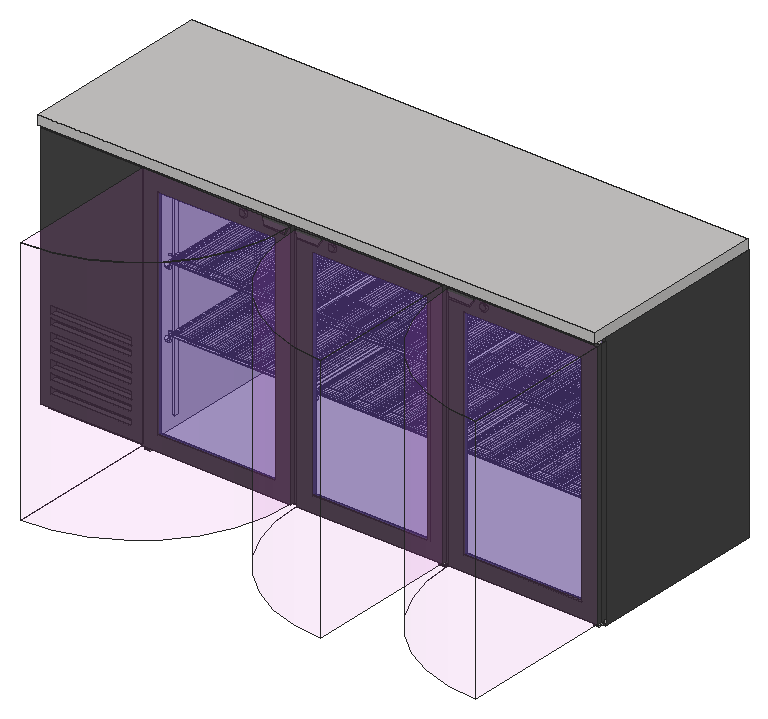
Revit family "QF_True_TBB24-72-3G-Z1-BST-S-1_Glass_Swing_Door_Back_Bar", category Specialty Equipment, Revit 2021 (continued)
Definition of nested family "TBB24-72-3G-Z1-BST-B-1"
  Forms (in)
    Extrusion 198, solid
      from 4.97058 to 21.84523
    Extrusion 199, solid
      sketch origin (37.5051, 0, -8.5) x (1, 0, 0) y (0, 0, 1)
        loop
          circle (14.90115, 21.72801) r 0.03267
      from 4.97058 to 21.84523
    Extrusion 200, solid
      sketch origin (55.08845, 0, -8.5) x (1, 0, 0) y (0, 0, 1)
        loop
          circle (14.90115, 21.72801) r 0.03267
      from 4.97058 to 21.84523
    Extrusion 201, solid
      sketch origin (37.86394, 0, -8.5) x (1, 0, 0) y (0, 0, 1)
        loop
          circle (14.90115, 21.72801) r 0.03267
      from 4.97058 to 21.84523
    Extrusion 202, solid
      sketch origin (38.22279, 0, -8.5) x (1, 0, 0) y (0, 0, 1)
        loop
          circle (14.90115, 21.72801) r 0.03267
      from 4.97058 to 21.84523
    Extrusion 203, solid
      sketch origin (38.58163, 0, -8.5) x (1, 0, 0) y (0, 0, 1)
        loop
          circle (14.90115, 21.72801) r 0.03267
      from 4.97058 to 21.84523
    Extrusion 204, solid
      sketch origin (38.94047, 0, -8.5) x (1, 0, 0) y (0, 0, 1)
        loop
          circle (14.90115, 21.72801) r 0.03267
      from 4.97058 to 21.84523
    Extrusion 205, solid
      sketch origin (39.29932, 0, -8.5) x (1, 0, 0) y (0, 0, 1)
        loop
          circle (14.90115, 21.72801) r 0.03267
      from 4.97058 to 21.84523
    Extrusion 206, solid
      sketch origin (39.65816, 0, -8.5) x (1, 0, 0) y (0, 0, 1)
        loop
          circle (14.90115, 21.72801) r 0.03267
      from 4.97058 to 21.84523
    Extrusion 207, solid
      sketch origin (40.01701, 0, -8.5) x (1, 0, 0) y (0, 0, 1)
        loop
          circle (14.90115, 21.72801) r 0.03267
      from 4.97058 to 21.84523
    Extrusion 208, solid
      sketch origin (40.37585, 0, -8.5) x (1, 0, 0) y (0, 0, 1)
        loop
          circle (14.90115, 21.72801) r 0.03267
      from 4.97058 to 21.84523
    Extrusion 209, solid
      sketch origin (40.73469, 0, -8.5) x (1, 0, 0) y (0, 0, 1)
        loop
          circle (14.90115, 21.72801) r 0.03267
      from 4.97058 to 21.84523
    Extrusion 210, solid
      sketch origin (41.09354, 0, -8.5) x (1, 0, 0) y (0, 0, 1)
        loop
          circle (14.90115, 21.72801) r 0.03267
      from 4.97058 to 21.84523
    Extrusion 211, solid
      sketch origin (41.45238, 0, -8.5) x (1, 0, 0) y (0, 0, 1)
        loop
          circle (14.90115, 21.72801) r 0.03267
      from 4.97058 to 21.84523
    Extrusion 212, solid
      sketch origin (41.81122, 0, -8.5) x (1, 0, 0) y (0, 0, 1)
        loop
          circle (14.90115, 21.72801) r 0.03267
      from 4.97058 to 21.84523
    Extrusion 213, solid
      sketch origin (42.17007, 0, -8.5) x (1, 0, 0) y (0, 0, 1)
        loop
          circle (14.90115, 21.72801) r 0.03267
      from 4.97058 to 21.84523
    Extrusion 214, solid
      sketch origin (42.52891, 0, -8.5) x (1, 0, 0) y (0, 0, 1)
        loop
          circle (14.90115, 21.72801) r 0.03267
      from 4.97058 to 21.84523
    Extrusion 215, solid
      sketch origin (42.88776, 0, -8.5) x (1, 0, 0) y (0, 0, 1)
        loop
          circle (14.90115, 21.72801) r 0.03267
      from 4.97058 to 21.84523
    Extrusion 216, solid
      sketch origin (43.2466, 0, -8.5) x (1, 0, 0) y (0, 0, 1)
        loop
          circle (14.90115, 21.72801) r 0.03267
      from 4.97058 to 21.84523
    Extrusion 217, solid
      sketch origin (43.60544, 0, -8.5) x (1, 0, 0) y (0, 0, 1)
        loop
          circle (14.90115, 21.72801) r 0.03267
      from 4.97058 to 21.84523
    Extrusion 218, solid
      sketch origin (43.96429, 0, -8.5) x (1, 0, 0) y (0, 0, 1)
        loop
          circle (14.90115, 21.72801) r 0.03267
      from 4.97058 to 21.84523
    Extrusion 219, solid
      sketch origin (44.32313, 0, -8.5) x (1, 0, 0) y (0, 0, 1)
        loop
          circle (14.90115, 21.72801) r 0.03267
      from 4.97058 to 21.84523
    Extrusion 220, solid
      sketch origin (44.68198, 0, -8.5) x (1, 0, 0) y (0, 0, 1)
        loop
          circle (14.90115, 21.72801) r 0.03267
      from 4.97058 to 21.84523
    Extrusion 221, solid
      sketch origin (45.04082, 0, -8.5) x (1, 0, 0) y (0, 0, 1)
        loop
          circle (14.90115, 21.72801) r 0.03267
      from 4.97058 to 21.84523
    Extrusion 222, solid
      sketch origin (45.39966, 0, -8.5) x (1, 0, 0) y (0, 0, 1)
        loop
          circle (14.90115, 21.72801) r 0.03267
      from 4.97058 to 21.84523
    Extrusion 223, solid
      sketch origin (45.75851, 0, -8.5) x (1, 0, 0) y (0, 0, 1)
        loop
          circle (14.90115, 21.72801) r 0.03267
      from 4.97058 to 21.84523
    Extrusion 224, solid
      sketch origin (46.11735, 0, -8.5) x (1, 0, 0) y (0, 0, 1)
        loop
          circle (14.90115, 21.72801) r 0.03267
      from 4.97058 to 21.84523
    Extrusion 225, solid
      sketch origin (46.47619, 0, -8.5) x (1, 0, 0) y (0, 0, 1)
        loop
          circle (14.90115, 21.72801) r 0.03267
      from 4.97058 to 21.84523
    Extrusion 226, solid
      sketch origin (46.83504, 0, -8.5) x (1, 0, 0) y (0, 0, 1)
        loop
          circle (14.90115, 21.72801) r 0.03267
      from 4.97058 to 21.84523
    Extrusion 227, solid
      sketch origin (47.19388, 0, -8.5) x (1, 0, 0) y (0, 0, 1)
        loop
          circle (14.90115, 21.72801) r 0.03267
      from 4.97058 to 21.84523
    Extrusion 228, solid
      sketch origin (47.55273, 0, -8.5) x (1, 0, 0) y (0, 0, 1)
        loop
          circle (14.90115, 21.72801) r 0.03267
      from 4.97058 to 21.84523
    Extrusion 229, solid
      sketch origin (47.91157, 0, -8.5) x (1, 0, 0) y (0, 0, 1)
        loop
          circle (14.90115, 21.72801) r 0.03267
      from 4.97058 to 21.84523
    Extrusion 230, solid
      sketch origin (48.27041, 0, -8.5) x (1, 0, 0) y (0, 0, 1)
        loop
          circle (14.90115, 21.72801) r 0.03267
      from 4.97058 to 21.84523
    Extrusion 231, solid
      sketch origin (48.62926, 0, -8.5) x (1, 0, 0) y (0, 0, 1)
        loop
          circle (14.90115, 21.72801) r 0.03267
      from 4.97058 to 21.84523
    Extrusion 232, solid
      sketch origin (48.9881, 0, -8.5) x (1, 0, 0) y (0, 0, 1)
        loop
          circle (14.90115, 21.72801) r 0.03267
      from 4.97058 to 21.84523
    Extrusion 233, solid
      sketch origin (49.34695, 0, -8.5) x (1, 0, 0) y (0, 0, 1)
        loop
          circle (14.90115, 21.72801) r 0.03267
      from 4.97058 to 21.84523
    Extrusion 234, solid
      sketch origin (49.70579, 0, -8.5) x (1, 0, 0) y (0, 0, 1)
        loop
          circle (14.90115, 21.72801) r 0.03267
      from 4.97058 to 21.84523
    Extrusion 235, solid
      sketch origin (50.06463, 0, -8.5) x (1, 0, 0) y (0, 0, 1)
        loop
          circle (14.90115, 21.72801) r 0.03267
      from 4.97058 to 21.84523
    Extrusion 236, solid
      sketch origin (50.42348, 0, -8.5) x (1, 0, 0) y (0, 0, 1)
        loop
          circle (14.90115, 21.72801) r 0.03267
      from 4.97058 to 21.84523
    Extrusion 237, solid
      sketch origin (50.78232, 0, -8.5) x (1, 0, 0) y (0, 0, 1)
        loop
          circle (14.90115, 21.72801) r 0.03267
      from 4.97058 to 21.84523
    Extrusion 238, solid
      sketch origin (51.14116, 0, -8.5) x (1, 0, 0) y (0, 0, 1)
        loop
          circle (14.90115, 21.72801) r 0.03267
      from 4.97058 to 21.84523
    Extrusion 239, solid
      sketch origin (51.50001, 0, -8.5) x (1, 0, 0) y (0, 0, 1)
        loop
          circle (14.90115, 21.72801) r 0.03267
      from 4.97058 to 21.84523
    Extrusion 240, solid
      sketch origin (51.85885, 0, -8.5) x (1, 0, 0) y (0, 0, 1)
        loop
          circle (14.90115, 21.72801) r 0.03267
      from 4.97058 to 21.84523
    Extrusion 241, solid
      sketch origin (52.2177, 0, -8.5) x (1, 0, 0) y (0, 0, 1)
        loop
          circle (14.90115, 21.72801) r 0.03267
      from 4.97058 to 21.84523
    Extrusion 242, solid
      sketch origin (52.57654, 0, -8.5) x (1, 0, 0) y (0, 0, 1)
        loop
          circle (14.90115, 21.72801) r 0.03267
      from 4.97058 to 21.84523
    Extrusion 243, solid
      sketch origin (52.93538, 0, -8.5) x (1, 0, 0) y (0, 0, 1)
        loop
          circle (14.90115, 21.72801) r 0.03267
      from 4.97058 to 21.84523
    Extrusion 244, solid
      sketch origin (53.29423, 0, -8.5) x (1, 0, 0) y (0, 0, 1)
        loop
          circle (14.90115, 21.72801) r 0.03267
      from 4.97058 to 21.84523
    Extrusion 245, solid
      sketch origin (53.65307, 0, -8.5) x (1, 0, 0) y (0, 0, 1)
        loop
          circle (14.90115, 21.72801) r 0.03267
      from 4.97058 to 21.84523
    Extrusion 246, solid
      sketch origin (54.01191, 0, -8.5) x (1, 0, 0) y (0, 0, 1)
        loop
          circle (14.90115, 21.72801) r 0.03267
      from 4.97058 to 21.84523
    Extrusion 247, solid
      sketch origin (54.37076, 0, -8.5) x (1, 0, 0) y (0, 0, 1)
        loop
          circle (14.90115, 21.72801) r 0.03267
      from 4.97058 to 21.84523
    Extrusion 248, solid
      sketch origin (54.7296, 0, -8.5) x (1, 0, 0) y (0, 0, 1)
        loop
          circle (14.90115, 21.72801) r 0.03267
      from 4.97058 to 21.84523
    Extrusion 249, solid
      sketch origin (18.7788, 0, 0) x (1, 0, 0) y (0, 0, 1)
        loop
          circle (14.90115, 21.72801) r 0.03267
      from 4.97058 to 21.86282
    Extrusion 250, solid
      sketch origin (36.36215, 0, 0) x (1, 0, 0) y (0, 0, 1)
        loop
          circle (14.90115, 21.72801) r 0.03267
      from 4.97058 to 21.86282
    Extrusion 251, solid
      sketch origin (19.13764, 0, 0) x (1, 0, 0) y (0, 0, 1)
        loop
          circle (14.90115, 21.72801) r 0.03267
      from 4.97058 to 21.86282
    Extrusion 252, solid
      sketch origin (19.49649, 0, 0) x (1, 0, 0) y (0, 0, 1)
        loop
          circle (14.90115, 21.72801) r 0.03267
      from 4.97058 to 21.86282
    Extrusion 253, solid
      sketch origin (19.85533, 0, 0) x (1, 0, 0) y (0, 0, 1)
        loop
          circle (14.90115, 21.72801) r 0.03267
      from 4.97058 to 21.86282
    Extrusion 254, solid
      sketch origin (20.21417, 0, 0) x (1, 0, 0) y (0, 0, 1)
        loop
          circle (14.90115, 21.72801) r 0.03267
      from 4.97058 to 21.86282
    Extrusion 255, solid
      sketch origin (20.57302, 0, 0) x (1, 0, 0) y (0, 0, 1)
        loop
          circle (14.90115, 21.72801) r 0.03267
      from 4.97058 to 21.86282
    Extrusion 256, solid
      sketch origin (20.93186, 0, 0) x (1, 0, 0) y (0, 0, 1)
        loop
          circle (14.90115, 21.72801) r 0.03267
      from 4.97058 to 21.86282
    Extrusion 257, solid
      sketch origin (21.29071, 0, 0) x (1, 0, 0) y (0, 0, 1)
        loop
          circle (14.90115, 21.72801) r 0.03267
      from 4.97058 to 21.86282
    Extrusion 258, solid
      sketch origin (21.64955, 0, 0) x (1, 0, 0) y (0, 0, 1)
        loop
          circle (14.90115, 21.72801) r 0.03267
      from 4.97058 to 21.86282
    Extrusion 259, solid
      sketch origin (22.00839, 0, 0) x (1, 0, 0) y (0, 0, 1)
        loop
          circle (14.90115, 21.72801) r 0.03267
      from 4.97058 to 21.86282
    Extrusion 260, solid
      sketch origin (22.36724, 0, 0) x (1, 0, 0) y (0, 0, 1)
        loop
          circle (14.90115, 21.72801) r 0.03267
      from 4.97058 to 21.86282
    Extrusion 261, solid
      sketch origin (22.72608, 0, 0) x (1, 0, 0) y (0, 0, 1)
        loop
          circle (14.90115, 21.72801) r 0.03267
      from 4.97058 to 21.86282
    Extrusion 262, solid
      sketch origin (23.08493, 0, 0) x (1, 0, 0) y (0, 0, 1)
        loop
          circle (14.90115, 21.72801) r 0.03267
      from 4.97058 to 21.86282
    Extrusion 263, solid
      sketch origin (23.44377, 0, 0) x (1, 0, 0) y (0, 0, 1)
        loop
          circle (14.90115, 21.72801) r 0.03267
      from 4.97058 to 21.86282
    Extrusion 264, solid
      sketch origin (23.80261, 0, 0) x (1, 0, 0) y (0, 0, 1)
        loop
          circle (14.90115, 21.72801) r 0.03267
      from 4.97058 to 21.86282
    Extrusion 265, solid
      sketch origin (24.16146, 0, 0) x (1, 0, 0) y (0, 0, 1)
        loop
          circle (14.90115, 21.72801) r 0.03267
      from 4.97058 to 21.86282
    Extrusion 266, solid
      sketch origin (24.5203, 0, 0) x (1, 0, 0) y (0, 0, 1)
        loop
          circle (14.90115, 21.72801) r 0.03267
      from 4.97058 to 21.86282
    Extrusion 267, solid
      sketch origin (24.87914, 0, 0) x (1, 0, 0) y (0, 0, 1)
        loop
          circle (14.90115, 21.72801) r 0.03267
      from 4.97058 to 21.86282
    Extrusion 268, solid
      sketch origin (25.23799, 0, 0) x (1, 0, 0) y (0, 0, 1)
        loop
          circle (14.90115, 21.72801) r 0.03267
      from 4.97058 to 21.86282
    Extrusion 269, solid
      sketch origin (25.59683, 0, 0) x (1, 0, 0) y (0, 0, 1)
        loop
          circle (14.90115, 21.72801) r 0.03267
      from 4.97058 to 21.86282
    Extrusion 270, solid
      sketch origin (25.95568, 0, 0) x (1, 0, 0) y (0, 0, 1)
        loop
          circle (14.90115, 21.72801) r 0.03267
      from 4.97058 to 21.86282
    Extrusion 271, solid
      sketch origin (26.31452, 0, 0) x (1, 0, 0) y (0, 0, 1)
        loop
          circle (14.90115, 21.72801) r 0.03267
      from 4.97058 to 21.86282
    Extrusion 272, solid
      sketch origin (26.67336, 0, 0) x (1, 0, 0) y (0, 0, 1)
        loop
          circle (14.90115, 21.72801) r 0.03267
      from 4.97058 to 21.86282
    Extrusion 273, solid
      sketch origin (27.03221, 0, 0) x (1, 0, 0) y (0, 0, 1)
        loop
          circle (14.90115, 21.72801) r 0.03267
      from 4.97058 to 21.86282
    Extrusion 274, solid
      sketch origin (27.39105, 0, 0) x (1, 0, 0) y (0, 0, 1)
        loop
          circle (14.90115, 21.72801) r 0.03267
      from 4.97058 to 21.86282
    Extrusion 275, solid
      sketch origin (27.7499, 0, 0) x (1, 0, 0) y (0, 0, 1)
        loop
          circle (14.90115, 21.72801) r 0.03267
      from 4.97058 to 21.86282
    Extrusion 276, solid
      sketch origin (28.10874, 0, 0) x (1, 0, 0) y (0, 0, 1)
        loop
          circle (14.90115, 21.72801) r 0.03267
      from 4.97058 to 21.86282
    Extrusion 277, solid
      sketch origin (28.46758, 0, 0) x (1, 0, 0) y (0, 0, 1)
        loop
          circle (14.90115, 21.72801) r 0.03267
      from 4.97058 to 21.86282
    Extrusion 278, solid
      sketch origin (28.82643, 0, 0) x (1, 0, 0) y (0, 0, 1)
        loop
          circle (14.90115, 21.72801) r 0.03267
      from 4.97058 to 21.86282
    Extrusion 279, solid
      sketch origin (29.18527, 0, 0) x (1, 0, 0) y (0, 0, 1)
        loop
          circle (14.90115, 21.72801) r 0.03267
      from 4.97058 to 21.86282
    Extrusion 280, solid
      sketch origin (29.54411, 0, 0) x (1, 0, 0) y (0, 0, 1)
        loop
          circle (14.90115, 21.72801) r 0.03267
      from 4.97058 to 21.86282
    Extrusion 281, solid
      sketch origin (29.90296, 0, 0) x (1, 0, 0) y (0, 0, 1)
        loop
          circle (14.90115, 21.72801) r 0.03267
      from 4.97058 to 21.86282
    Extrusion 282, solid
      sketch origin (30.2618, 0, 0) x (1, 0, 0) y (0, 0, 1)
        loop
          circle (14.90115, 21.72801) r 0.03267
      from 4.97058 to 21.86282
    Extrusion 283, solid
      sketch origin (30.62065, 0, 0) x (1, 0, 0) y (0, 0, 1)
        loop
          circle (14.90115, 21.72801) r 0.03267
      from 4.97058 to 21.86282
    Extrusion 284, solid
      sketch origin (30.97949, 0, 0) x (1, 0, 0) y (0, 0, 1)
        loop
          circle (14.90115, 21.72801) r 0.03267
      from 4.97058 to 21.86282
    Extrusion 285, solid
      sketch origin (31.33833, 0, 0) x (1, 0, 0) y (0, 0, 1)
        loop
          circle (14.90115, 21.72801) r 0.03267
      from 4.97058 to 21.86282
    Extrusion 286, solid
      sketch origin (31.69718, 0, 0) x (1, 0, 0) y (0, 0, 1)
        loop
          circle (14.90115, 21.72801) r 0.03267
      from 4.97058 to 21.86282
    Extrusion 287, solid
      sketch origin (32.05602, 0, 0) x (1, 0, 0) y (0, 0, 1)
        loop
          circle (14.90115, 21.72801) r 0.03267
      from 4.97058 to 21.86282
    Extrusion 288, solid
      sketch origin (32.41486, 0, 0) x (1, 0, 0) y (0, 0, 1)
        loop
          circle (14.90115, 21.72801) r 0.03267
      from 4.97058 to 21.86282
    Extrusion 289, solid
      sketch origin (32.77371, 0, 0) x (1, 0, 0) y (0, 0, 1)
        loop
          circle (14.90115, 21.72801) r 0.03267
      from 4.97058 to 21.86282
    Extrusion 290, solid
      sketch origin (33.13255, 0, 0) x (1, 0, 0) y (0, 0, 1)
        loop
          circle (14.90115, 21.72801) r 0.03267
      from 4.97058 to 21.86282
    Extrusion 291, solid
      sketch origin (33.4914, 0, 0) x (1, 0, 0) y (0, 0, 1)
        loop
          circle (14.90115, 21.72801) r 0.03267
      from 4.97058 to 21.86282
    Extrusion 292, solid
      sketch origin (33.85024, 0, 0) x (1, 0, 0) y (0, 0, 1)
        loop
          circle (14.90115, 21.72801) r 0.03267
      from 4.97058 to 21.86282
    Extrusion 293, solid
      sketch origin (34.20908, 0, 0) x (1, 0, 0) y (0, 0, 1)
        loop
          circle (14.90115, 21.72801) r 0.03267
      from 4.97058 to 21.86282
    Extrusion 294, solid
      sketch origin (34.56793, 0, 0) x (1, 0, 0) y (0, 0, 1)
        loop
          circle (14.90115, 21.72801) r 0.03267
      from 4.97058 to 21.86282
    Extrusion 295, solid
      sketch origin (34.92677, 0, 0) x (1, 0, 0) y (0, 0, 1)
        loop
          circle (14.90115, 21.72801) r 0.03267
      from 4.97058 to 21.86282
    Extrusion 296, solid
      sketch origin (35.28562, 0, 0) x (1, 0, 0) y (0, 0, 1)
        loop
          circle (14.90115, 21.72801) r 0.03267
      from 4.97058 to 21.86282
    Extrusion 297, solid
      sketch origin (35.64446, 0, 0) x (1, 0, 0) y (0, 0, 1)
        loop
          circle (14.90115, 21.72801) r 0.03267
      from 4.97058 to 21.86282
    Extrusion 298, solid
      sketch origin (36.0033, 0, 0) x (1, 0, 0) y (0, 0, 1)
        loop
          circle (14.90115, 21.72801) r 0.03267
      from 4.97058 to 21.86282
    Extrusion 299, solid
      sketch origin (37.5051, 0, 0) x (1, 0, 0) y (0, 0, 1)
        loop
          circle (14.90115, 21.72801) r 0.03267
      from 4.97058 to 21.86282
    Extrusion 300, solid
      sketch origin (55.08845, 0, 0) x (1, 0, 0) y (0, 0, 1)
        loop
          circle (14.90115, 21.72801) r 0.03267
      from 4.97058 to 21.86282
    Extrusion 301, solid
      sketch origin (37.86394, 0, 0) x (1, 0, 0) y (0, 0, 1)
        loop
          circle (14.90115, 21.72801) r 0.03267
      from 4.97058 to 21.86282
    Extrusion 302, solid
      sketch origin (38.22279, 0, 0) x (1, 0, 0) y (0, 0, 1)
        loop
          circle (14.90115, 21.72801) r 0.03267
      from 4.97058 to 21.86282
    Extrusion 303, solid
      sketch origin (38.58163, 0, 0) x (1, 0, 0) y (0, 0, 1)
        loop
          circle (14.90115, 21.72801) r 0.03267
      from 4.97058 to 21.86282
    Extrusion 304, solid
      sketch origin (38.94047, 0, 0) x (1, 0, 0) y (0, 0, 1)
        loop
          circle (14.90115, 21.72801) r 0.03267
      from 4.97058 to 21.86282
    Extrusion 305, solid
      sketch origin (39.29932, 0, 0) x (1, 0, 0) y (0, 0, 1)
        loop
          circle (14.90115, 21.72801) r 0.03267
      from 4.97058 to 21.86282
    Extrusion 306, solid
      sketch origin (39.65816, 0, 0) x (1, 0, 0) y (0, 0, 1)
        loop
          circle (14.90115, 21.72801) r 0.03267
      from 4.97058 to 21.86282
    Extrusion 307, solid
      sketch origin (40.01701, 0, 0) x (1, 0, 0) y (0, 0, 1)
        loop
          circle (14.90115, 21.72801) r 0.03267
      from 4.97058 to 21.86282
    Extrusion 308, solid
      sketch origin (40.37585, 0, 0) x (1, 0, 0) y (0, 0, 1)
        loop
          circle (14.90115, 21.72801) r 0.03267
      from 4.97058 to 21.86282
    Extrusion 309, solid
      sketch origin (40.73469, 0, 0) x (1, 0, 0) y (0, 0, 1)
        loop
          circle (14.90115, 21.72801) r 0.03267
      from 4.97058 to 21.86282
    Extrusion 310, solid
      sketch origin (41.09354, 0, 0) x (1, 0, 0) y (0, 0, 1)
        loop
          circle (14.90115, 21.72801) r 0.03267
      from 4.97058 to 21.86282
    Extrusion 311, solid
      sketch origin (41.45238, 0, 0) x (1, 0, 0) y (0, 0, 1)
        loop
          circle (14.90115, 21.72801) r 0.03267
      from 4.97058 to 21.86282
    Extrusion 312, solid
      sketch origin (41.81122, 0, 0) x (1, 0, 0) y (0, 0, 1)
        loop
          circle (14.90115, 21.72801) r 0.03267
      from 4.97058 to 21.86282
    Extrusion 313, solid
      sketch origin (42.17007, 0, 0) x (1, 0, 0) y (0, 0, 1)
        loop
          circle (14.90115, 21.72801) r 0.03267
      from 4.97058 to 21.86282
    Extrusion 314, solid
      sketch origin (42.52891, 0, 0) x (1, 0, 0) y (0, 0, 1)
        loop
          circle (14.90115, 21.72801) r 0.03267
      from 4.97058 to 21.86282
    Extrusion 315, solid
      sketch origin (42.88776, 0, 0) x (1, 0, 0) y (0, 0, 1)
        loop
          circle (14.90115, 21.72801) r 0.03267
      from 4.97058 to 21.86282
    Extrusion 316, solid
      sketch origin (43.2466, 0, 0) x (1, 0, 0) y (0, 0, 1)
        loop
          circle (14.90115, 21.72801) r 0.03267
      from 4.97058 to 21.86282
    Extrusion 317, solid
      sketch origin (43.60544, 0, 0) x (1, 0, 0) y (0, 0, 1)
        loop
          circle (14.90115, 21.72801) r 0.03267
      from 4.97058 to 21.86282
    Extrusion 318, solid
      sketch origin (43.96429, 0, 0) x (1, 0, 0) y (0, 0, 1)
        loop
          circle (14.90115, 21.72801) r 0.03267
      from 4.97058 to 21.86282
    Extrusion 319, solid
      sketch origin (44.32313, 0, 0) x (1, 0, 0) y (0, 0, 1)
        loop
          circle (14.90115, 21.72801) r 0.03267
      from 4.97058 to 21.86282
    Extrusion 320, solid
      sketch origin (44.68198, 0, 0) x (1, 0, 0) y (0, 0, 1)
        loop
          circle (14.90115, 21.72801) r 0.03267
      from 4.97058 to 21.86282
    Extrusion 321, solid
      sketch origin (45.04082, 0, 0) x (1, 0, 0) y (0, 0, 1)
        loop
          circle (14.90115, 21.72801) r 0.03267
      from 4.97058 to 21.86282
    Extrusion 322, solid
      sketch origin (45.39966, 0, 0) x (1, 0, 0) y (0, 0, 1)
        loop
          circle (14.90115, 21.72801) r 0.03267
      from 4.97058 to 21.86282
    Extrusion 323, solid
      sketch origin (45.75851, 0, 0) x (1, 0, 0) y (0, 0, 1)
        loop
          circle (14.90115, 21.72801) r 0.03267
      from 4.97058 to 21.86282
    Extrusion 324, solid
      sketch origin (46.11735, 0, 0) x (1, 0, 0) y (0, 0, 1)
        loop
          circle (14.90115, 21.72801) r 0.03267
      from 4.97058 to 21.86282
    Extrusion 325, solid
      sketch origin (46.47619, 0, 0) x (1, 0, 0) y (0, 0, 1)
        loop
          circle (14.90115, 21.72801) r 0.03267
      from 4.97058 to 21.86282
    Extrusion 326, solid
      sketch origin (46.83504, 0, 0) x (1, 0, 0) y (0, 0, 1)
        loop
          circle (14.90115, 21.72801) r 0.03267
      from 4.97058 to 21.86282
    Extrusion 327, solid
      sketch origin (47.19388, 0, 0) x (1, 0, 0) y (0, 0, 1)
        loop
          circle (14.90115, 21.72801) r 0.03267
      from 4.97058 to 21.86282
    Extrusion 328, solid
      sketch origin (47.55273, 0, 0) x (1, 0, 0) y (0, 0, 1)
        loop
          circle (14.90115, 21.72801) r 0.03267
      from 4.97058 to 21.86282
    Extrusion 329, solid
      sketch origin (47.91157, 0, 0) x (1, 0, 0) y (0, 0, 1)
        loop
          circle (14.90115, 21.72801) r 0.03267
      from 4.97058 to 21.86282
    Extrusion 330, solid
      sketch origin (48.27041, 0, 0) x (1, 0, 0) y (0, 0, 1)
        loop
          circle (14.90115, 21.72801) r 0.03267
      from 4.97058 to 21.86282
    Extrusion 331, solid
      sketch origin (48.62926, 0, 0) x (1, 0, 0) y (0, 0, 1)
        loop
          circle (14.90115, 21.72801) r 0.03267
      from 4.97058 to 21.86282
    Extrusion 332, solid
      sketch origin (48.9881, 0, 0) x (1, 0, 0) y (0, 0, 1)
        loop
          circle (14.90115, 21.72801) r 0.03267
      from 4.97058 to 21.86282
    Extrusion 333, solid
      sketch origin (49.34695, 0, 0) x (1, 0, 0) y (0, 0, 1)
        loop
          circle (14.90115, 21.72801) r 0.03267
      from 4.97058 to 21.86282
    Extrusion 334, solid
      sketch origin (49.70579, 0, 0) x (1, 0, 0) y (0, 0, 1)
        loop
          circle (14.90115, 21.72801) r 0.03267
      from 4.97058 to 21.86282
    Extrusion 335, solid
      sketch origin (50.06463, 0, 0) x (1, 0, 0) y (0, 0, 1)
        loop
          circle (14.90115, 21.72801) r 0.03267
      from 4.97058 to 21.86282
    Extrusion 336, solid
      sketch origin (50.42348, 0, 0) x (1, 0, 0) y (0, 0, 1)
        loop
          circle (14.90115, 21.72801) r 0.03267
      from 4.97058 to 21.86282
    Extrusion 337, solid
      sketch origin (50.78232, 0, 0) x (1, 0, 0) y (0, 0, 1)
        loop
          circle (14.90115, 21.72801) r 0.03267
      from 4.97058 to 21.86282
    Extrusion 338, solid
      sketch origin (51.14116, 0, 0) x (1, 0, 0) y (0, 0, 1)
        loop
          circle (14.90115, 21.72801) r 0.03267
      from 4.97058 to 21.86282
    Extrusion 339, solid
      sketch origin (51.50001, 0, 0) x (1, 0, 0) y (0, 0, 1)
        loop
          circle (14.90115, 21.72801) r 0.03267
      from 4.97058 to 21.86282
    Extrusion 340, solid
      sketch origin (51.85885, 0, 0) x (1, 0, 0) y (0, 0, 1)
        loop
          circle (14.90115, 21.72801) r 0.03267
      from 4.97058 to 21.86282
    Extrusion 341, solid
      sketch origin (52.2177, 0, 0) x (1, 0, 0) y (0, 0, 1)
        loop
          circle (14.90115, 21.72801) r 0.03267
      from 4.97058 to 21.86282
    Extrusion 342, solid
      sketch origin (52.57654, 0, 0) x (1, 0, 0) y (0, 0, 1)
        loop
          circle (14.90115, 21.72801) r 0.03267
      from 4.97058 to 21.86282
    Extrusion 343, solid
      sketch origin (52.93538, 0, 0) x (1, 0, 0) y (0, 0, 1)
        loop
          circle (14.90115, 21.72801) r 0.03267
      from 4.97058 to 21.86282
    Extrusion 344, solid
      sketch origin (53.29423, 0, 0) x (1, 0, 0) y (0, 0, 1)
        loop
          circle (14.90115, 21.72801) r 0.03267
      from 4.97058 to 21.86282
    Extrusion 345, solid
      sketch origin (53.65307, 0, 0) x (1, 0, 0) y (0, 0, 1)
        loop
          circle (14.90115, 21.72801) r 0.03267
      from 4.97058 to 21.86282
    Extrusion 346, solid
      sketch origin (54.01191, 0, 0) x (1, 0, 0) y (0, 0, 1)
        loop
          circle (14.90115, 21.72801) r 0.03267
      from 4.97058 to 21.86282
    Extrusion 347, solid
      sketch origin (54.37076, 0, 0) x (1, 0, 0) y (0, 0, 1)
        loop
          circle (14.90115, 21.72801) r 0.03267
      from 4.97058 to 21.86282
    Extrusion 348, solid
      sketch origin (54.7296, 0, 0) x (1, 0, 0) y (0, 0, 1)
        loop
          circle (14.90115, 21.72801) r 0.03267
      from 4.97058 to 21.86282
    Extrusion 349, solid, material <- "Door Finish"
      sketch origin (20.43039, -23.09422, 33.46875) x (0, 0, -1) y (1, 0, 0)
        loop
          line (0.5625, 12.35291) -> (32.78125, 12.35291) -> (32.78125, 31.97791) -> (0.5625, 31.97791) -> (0.5625, 12.35291)
        loop
          line (31.78125, 13.35291) -> (31.78125, 30.97791) -> (1.5625, 30.97791) -> (1.5625, 13.35291) -> (31.78125, 13.35291)
      from 0 to 0.80663
    Blend 350, solid, material <- "Door Finish"
      base sketch origin (63.88621, -24.3696, 33.46875) x (0, 0, -1) y (1, 0, 0)
        loop
          circle (1.15564, -26.16355) r 0.5
      top sketch origin (63.88621, -24.3696, 33.46875) x (0, 0, -1) y (1, 0, 0)
        loop
          circle (1.15564, -26.16355) r 0.39938
      from 0 to 0.12886
    Extrusion 351, solid, material <- "Door Finish"
      sketch origin (64.76326, -23.90085, 33.46875) x (0, 0, -1) y (1, 0, 0)
        loop
          line (0.5625, -12.72791) -> (0.5625, -31.60291) -> (32.78125, -31.60291) -> (32.78125, -12.72791) -> (0.5625, -12.72791)
        loop
          line (2.5625, -29.60291) -> (30.78125, -29.60291) -> (30.78125, -14.72791) -> (2.5625, -14.72791) -> (2.5625, -29.60291)
      from 0 to 0.46875
    Extrusion 352, solid, material <- "Door Finish"
      sketch origin (40.05334, -23.90085, 33.46875) x (0, 0, -1) y (1, 0, 0)
        loop
          line (0.5625, 12.72791) -> (32.78125, 12.72791) -> (32.78125, 31.97791) -> (0.5625, 31.97791) -> (0.5625, 12.72791)
        loop
          line (2.5625, 29.97791) -> (2.5625, 14.72791) -> (30.78125, 14.72791) -> (30.78125, 29.97791) -> (2.5625, 29.97791)
      from 0 to 0.46875
    Extrusion 353, solid, material <- "Door Finish"
      sketch origin (32.40625, -23.52159, 32.30626) x (0, 0, -1) y (0, 1, 0)
        loop
          line (-0.59999, -0.09801) -> (-0.72499, -0.09801) -> (-0.72499, -1.07258) -> (-0.25659, -1.82216) -> (-0.1092, -1.82216) -> (-0.59999, -1.03673) -> (-0.59999, -0.09801)
      from 0 to -3.5
    Extrusion 354, void
      sketch origin (32.40625, -24.59416, 33.03125) x (0, 0.848048, 0.529919) y (1, 0, 0)
        loop
          line (0, -3.5) -> (-1.1776, -2.4866) -> (-1.1776, -3.5) -> (0, -3.5)
      from 0 to 0.25
    Extrusion 355, solid, material <- "Door Finish"
      sketch origin (36.66035, -23.52159, 32.30626) x (0, 0, -1) y (0, 1, 0)
        loop
          line (-0.59999, -0.09801) -> (-0.72499, -0.09801) -> (-0.72499, -1.07258) -> (-0.25659, -1.82216) -> (-0.1092, -1.82216) -> (-0.59999, -1.03673) -> (-0.59999, -0.09801)
      from 0 to -3.5
    Extrusion 356, void
      sketch origin (36.66035, -24.59416, 33.03125) x (0, 0.848048, 0.529919) y (1, 0, 0)
        loop
          line (0, -3.5) -> (-1.1776, -2.4866) -> (-1.1776, -3.5) -> (0, -3.5)
      from 0 to 0.25
    Extrusion 357, solid, material <- "Door Finish"
      sketch origin (56.28125, -23.52159, 32.30626) x (0, 0, -1) y (0, 1, 0)
        loop
          line (-0.59999, -0.09801) -> (-0.72499, -0.09801) -> (-0.72499, -1.07258) -> (-0.25659, -1.82216) -> (-0.1092, -1.82216) -> (-0.59999, -1.03673) -> (-0.59999, -0.09801)
      from 0 to -3.5
    Extrusion 358, void
      sketch origin (56.28125, -24.59416, 33.03125) x (0, 0.848048, 0.529919) y (1, 0, 0)
        loop
          line (0, -3.5) -> (-1.1776, -2.4866) -> (-1.1776, -3.5) -> (0, -3.5)
      from 0 to 0.25
    Extrusion 359, solid
      sketch origin (15.15625, -23.90085, 2.6875) x (1, 0, 0) y (0, 1, 0)
        loop
          line (15.25, -0.10938) -> (0, -0.10938) -> (0, -0.35938) -> (15.25, -0.35938) -> (15.25, -0.10938)
      from 0 to 28.21875
    Extrusion 360, solid
      sketch origin (35.16035, -23.90085, 2.6875) x (1, 0, 0) y (0, 1, 0)
        loop
          line (15.25, -0.10938) -> (0, -0.10938) -> (0, -0.35938) -> (15.25, -0.35938) -> (15.25, -0.10938)
      from 0 to 28.21875
    Extrusion 361, solid
      sketch origin (54.78125, -23.90085, 2.6875) x (1, 0, 0) y (0, 1, 0)
        loop
          line (15.25, -0.10938) -> (0, -0.10938) -> (0, -0.35938) -> (15.25, -0.35938) -> (15.25, -0.10938)
      from 0 to 28.21875
    Extrusion 362, solid, visible <- "Show Door Clearance"
      sketch origin (52.78125, -23.90085, 0.6875) x (0, -1, 0) y (-1, 0, 0)
        loop
          arc (0.46875, 20.375) -> (14.39589, 25.83841) -> (20.20484, 39.625) r 19.25
          line (20.20484, 39.625) -> (0.46875, 39.625) -> (0.46875, 20.375)
      from 0 to -32.21875
    Extrusion 363, solid, visible <- "Show Door Clearance"
      sketch origin (52.78125, -23.90085, 0.6875) x (0, -1, 0) y (-1, 0, 0)
        loop
          line (0.46875, 19.61367) -> (0.46875, 0.7459) -> (20.1929, 0.7459)
          arc (20.1929, 0.7459) -> (14.26761, 14.29526) -> (0.46875, 19.61367) r 19.19983
        loop
          line (0.46875, 0) -> (0.46875, -19.25) -> (20.19556, -19.25)
          arc (20.19556, -19.25) -> (14.40507, -5.45121) -> (0.46875, 0) r 19.19983
      from 0 to -32.21875
  Cuts and joins
    Extrusion 4, Extrusion 10 cuts Extrusion 2
    Extrusion 4 cuts Extrusion 3
    Extrusion 10 cuts Extrusion 8
    joined: Extrusion 8, Extrusion 11
    Extrusion 10 cuts Extrusion 9
    joined: Extrusion 14, Extrusion 15
    Extrusion 354, Extrusion 356 cuts Extrusion 353
    Extrusion 356, Extrusion 358 cuts Extrusion 355
    Extrusion 358 cuts Extrusion 357
  Lines and regions (in)
    Split face 1
      outline origin (0, 0.03125, 0) x (0, 0, 1) y (1, 0, 0)
        loop
          line (18.17708, 10.7061) -> (3.09519, 10.7061) -> (3.09519, 0.9561) -> (18.17708, 0.9561) -> (18.17708, 10.7061)
    Split face 2
      outline origin (0, -24.3696, 32.90625) x (-1, 0, 0) y (0, 0, -1)
        loop
          line (-2.26866, 1.36126) -> (-2.26866, 2.86126) -> (-10.572, 2.86126) -> (-10.572, 1.36126) -> (-2.26866, 1.36126)
    symbolic lines
      curve 1: line (72.03125, 0, 0) -> (0, 0, 0)
      curve 2: line (0, 0, 0) -> (0, -24.875, 0)
      curve 3: line (72.03125, -24.875, 0) -> (72.03125, 0, 0)
      curve 8: line (0, -24.875, 0) -> (72.03125, -24.875, 0)
      curve 11: line (29.73411, -25.34375, 0) -> (29.26536, -24.875, 0)
      curve 12: line (29.73411, -25.34375, 0) -> (32.40625, -25.34375, 0)
      curve 13: line (32.40625, -24.875, 0) -> (32.40625, -25.34375, 0)
      curve 14: line (33.98129, -25.34375, 0) -> (33.51254, -24.875, 0)
      curve 15: line (33.98129, -25.34375, 0) -> (36.65343, -25.34375, 0)
      curve 16: line (36.65343, -24.875, 0) -> (36.65343, -25.34375, 0)
      curve 17: line (53.6022, -25.34375, 0) -> (53.13345, -24.875, 0)
      curve 18: line (53.6022, -25.34375, 0) -> (56.27433, -25.34375, 0)
      curve 19: line (56.27433, -24.875, 0) -> (56.27433, -25.34375, 0)
    symbolic lines, visible <- "Show Door Clearance"
      curve 4: arc (32.41238, -24.875, 0) -> (31.69762, -30.05258, 0) -> (29.61643, -34.84704, 0) r 19.25
      curve 5: arc (35.64278, -34.33925, 0) -> (33.78857, -29.76791, 0) -> (33.16036, -24.875, 0) r 19.19983
      curve 6: arc (55.35127, -34.50519, 0) -> (53.42671, -29.86028, 0) -> (52.77403, -24.875, 0) r 19.19983
      curve 7: line (13.15625, -25.34375, 0) -> (29.61643, -34.84704, 0)
      curve 9: line (52.03535, -24.875, 0) -> (35.64278, -34.33925, 0)
      curve 10: line (72.03125, -24.875, 0) -> (55.35127, -34.50519, 0)
  Dimensions and locks (in)
    equal spacing: plane 3 "LEFT", plane 7 "Center Y", plane 4 "RIGHT"
    "Length": plane 3 "LEFT" to plane 4 "RIGHT"
    equal spacing: plane 5 "FRONT", plane 8 "Center X", plane 1 "BACK"
    "Depth": plane 5 "FRONT" to plane 1 "BACK"
    "Height": plane 6 "TOP" to level
    plane 5 "FRONT" to plane 1 "BACK" = 25 11/32"
    plane 9 to plane 1 "BACK" = 44 3/32"
    plane 5 "FRONT" to plane 9 = 18 3/4"
    plane 1 "BACK" to plane 10 = 24 7/8"
    equal spacing: group 52, group 54, group 55, group 56, group 57, group 58, group 59, group 60, group 61, group 62, group 63, group 64, group 65, group 66, group 67, group 68, group 69, group 70, group 71, group 72, group 73, group 74, group 75, group 76, group 77, group 78, group 79, group 80, group 81, group 82, group 83, group 84, group 85, group 86, group 87, group 88, group 89, group 90, group 91, group 92, group 93, group 94, group 95, group 96, group 97, group 98, group 99, group 100, group 101, group 53  (x3)
    aligned and locked: level to plane 2
  Automatic sketch dimensions
    Extrusion 1 sketch curve to plane 3 "LEFT" = 0"
    plane 4 "RIGHT" to Extrusion 1 sketch curve = 0"
    Extrusion 1 sketch curve to plane 6 "TOP" = 0"
    Extrusion 1 sketch curve to plane 6 "TOP" = 1 1/4"
    Extrusion 2 sketch curve to level = 0"
    Extrusion 2 sketch curve to plane 1 "BACK" = 0"
    Extrusion 2 sketch curve to plane 14 = 1.24899"
    Extrusion 2 sketch curve to plane 6 "TOP" = 1 1/4"
    Extrusion 3 sketch curve to Extrusion 2 = 0"
    Extrusion 3 sketch curve to Extrusion 2 = 9/16"
    Extrusion 3 sketch curve to Extrusion 2 = 0.97992"
    Extrusion 2 to Extrusion 3 sketch curve = 13 5/32"
    Extrusion 3 to Extrusion 4 sketch curve = 1.61339"
    Extrusion 4 sketch curve to Extrusion 4 sketch curve = 0.82714"  (x4)
    Extrusion 4 sketch curve to Extrusion 4 sketch curve = 0.79786"
    Extrusion 4 sketch curve to Extrusion 4 sketch curve = 0.57908"  (x2)
    Extrusion 4 sketch curve to Extrusion 4 sketch curve = 1"  (x3)
    Extrusion 4 sketch curve to Extrusion 4 sketch curve = 0.71878"
    Extrusion 4 sketch curve to Extrusion 4 sketch curve = 0.84378"
    Extrusion 4 sketch curve to Extrusion 4 sketch curve = 0.45408"
    Extrusion 3 to Extrusion 4 sketch curve = 1.27626"  (x2)
    Extrusion 4 sketch curve to Extrusion 4 sketch curve = 0"  (x11)
    Extrusion 3 to Extrusion 4 sketch curve = 1.32665"
    Extrusion 5 sketch curve to Extrusion 2 = 0"
    Extrusion 2 to Extrusion 5 sketch curve = 9/16"
    Extrusion 5 sketch curve to Extrusion 5 sketch curve = 3/4"  (x3)
    Extrusion 5 sketch curve to Extrusion 2 = 13.59037"
    Extrusion 2 to Extrusion 5 sketch curve = 3/4"
    Extrusion 5 sketch curve to Extrusion 5 sketch curve = 0"  (x2)
    Extrusion 5 sketch curve to Extrusion 5 sketch curve = 0.44096"
    Extrusion 5 sketch curve to Extrusion 5 sketch curve = 4.44897"
    Extrusion 5 sketch curve to Extrusion 5 sketch curve = 10.52264"
    Split face 1 sketch curve to Extrusion 5 = 2.53269"
    Split face 1 sketch curve to Extrusion 5 = 2.4513"
    Split face 1 sketch curve to Extrusion 5 = 0.9561"
    Split face 1 sketch curve to Extrusion 5 = 1.31655"
    Extrusion 6 sketch curve to Extrusion 5 = 0.05904"
    Extrusion 5 to Extrusion 6 sketch curve = 0.19096"  (x2)
    Extrusion 6 sketch curve to Extrusion 5 = 0.31699"  (x2)
    Extrusion 6 sketch curve to Extrusion 6 sketch curve = 1/2"  (x2)
    Extrusion 6 sketch curve to Extrusion 6 sketch curve = 1/4"
    Extrusion 6 sketch curve to Extrusion 6 sketch curve = 0.43301"  (x2)
    Extrusion 7 sketch curve to Extrusion 5 = 0.72262"
    Extrusion 7 sketch curve to Extrusion 5 = 1.73005"
    Split face 2 sketch curve to cut or joined group of Extrusion 3, Extrusion 4 = 1.2576"
    Split face 2 sketch curve to cut or joined group of Extrusion 3, Extrusion 4 = 0.9924"
    Split face 2 sketch curve to cut or joined group of Extrusion 3, Extrusion 4 = 1.36126"
    Split face 2 sketch curve to Split face 2 sketch curve = 1 1/2"
    Extrusion 8 sketch curve to Extrusion 2 = 9/16"
    Extrusion 8 sketch curve to Extrusion 8 sketch curve = 1"  (x3)
    Extrusion 8 sketch curve to Extrusion 2 = 1 11/16"
    Extrusion 8 sketch curve to Extrusion 2 = 11/16"
    Extrusion 2 to Extrusion 8 sketch curve = 13 5/32"
    Extrusion 8 sketch curve to Extrusion 8 sketch curve = 17 5/8"
    Extrusion 2 to Extrusion 9 sketch curve = 0"
    Extrusion 9 sketch curve to Extrusion 2 = 9/16"
    Extrusion 9 sketch curve to Extrusion 9 sketch curve = 1"
    Extrusion 9 sketch curve to Extrusion 2 = 1 11/16"
    Extrusion 9 sketch curve to Extrusion 2 = 11/16"
    Extrusion 2 to Extrusion 9 sketch curve = 1"
    Extrusion 9 sketch curve to Extrusion 9 sketch curve = 17 3/16"
    Extrusion 9 sketch curve to Extrusion 9 sketch curve = 1.43545"
    Extrusion 10 sketch curve to plane 12 = 251/256"
    plane 4 "RIGHT" to Extrusion 10 sketch curve = 1 133/256"
    Extrusion 10 sketch curve to plane 14 = 1.24899"
    plane 1 "BACK" to Extrusion 10 sketch curve = 4.34422"
    Extrusion 11 sketch curve to Extrusion 8 = 0"  (x2)
    Extrusion 8 to Extrusion 11 sketch curve = 0"
    Extrusion 8 to Extrusion 11 sketch curve = 1"  (x3)
    Extrusion 8 to Extrusion 11 sketch curve = 1 3/8"
    Extrusion 11 sketch curve to Extrusion 8 = 3/8"
    Blend 12 sketch curve to Extrusion 11 = 0.59314"  (x2)
    Extrusion 11 to Blend 12 sketch curve = 4.18936"  (x2)
    Blend 13 sketch curve to Extrusion 11 = 0.59314"  (x2)
    Extrusion 11 to Blend 13 sketch curve = 24.93936"  (x2)
    Extrusion 14 sketch curve to plane 4 "RIGHT" = 0"
    Extrusion 14 sketch curve to plane 12 = 0"
    plane 4 "RIGHT" to Extrusion 14 sketch curve = 1/8"
    Extrusion 14 sketch curve to Extrusion 14 sketch curve = 0.56872"  (x2)
    Extrusion 14 sketch curve to plane 64 = 0.35763"  (x3)
    Extrusion 14 sketch curve to Extrusion 14 sketch curve = 0.11746"  (x6)
    Extrusion 14 sketch curve to Extrusion 14 sketch curve = 0.27298"  (x3)
    plane 13 to Extrusion 14 sketch curve = 0.33598"
    Extrusion 14 sketch curve to Extrusion 14 sketch curve = 1/8"
    Extrusion 14 sketch curve to plane 64 = 0.27538"
    Extrusion 14 sketch curve to plane 12 = 1.08416"
    Extrusion 14 sketch curve to plane 12 = 1/8"
    Extrusion 14 sketch curve to Extrusion 14 sketch curve = 0.04275"  (x4)
    Extrusion 14 sketch curve to plane 64 = 0.40038"
    Extrusion 14 sketch curve to Extrusion 14 sketch curve = 3/4"  (x3)
    Extrusion 2 to Extrusion 15 sketch curve = 0"
    Extrusion 15 sketch curve to Extrusion 2 = 11/16"  (x3)
    Extrusion 15 sketch curve to Extrusion 2 = 0.28263"  (x3)
    Extrusion 2 to Extrusion 15 sketch curve = 1.0917"
    Extrusion 15 sketch curve to Extrusion 15 sketch curve = 18.5333"
    Extrusion 15 sketch curve to Extrusion 15 sketch curve = 1.0917"  (x2)
    Extrusion 2 to Extrusion 15 sketch curve = 14.24795"
    Extrusion 16 sketch curve to Extrusion 14 = 0.43489"
    Extrusion 16 sketch curve to Extrusion 14 = 0.40936"  (x2)
    Extrusion 16 sketch curve to Extrusion 14 = 0.48393"  (x3)
    Extrusion 17 sketch curve to Extrusion 1 = 1.26471"  (x3)
    Extrusion 1 to Extrusion 17 sketch curve = 0.43489"
    Extrusion 17 sketch curve to Extrusion 17 sketch curve = 19.93545"
    Extrusion 17 sketch curve to Extrusion 1 = 13.56561"
    plane 14 to Extrusion 18 sketch curve = 1"
    Extrusion 18 sketch curve to Extrusion 18 sketch curve = 1/2"  (x2)
    plane 8 "Center X" to Extrusion 18 sketch curve = 5.07665"
    plane 11 to Extrusion 18 sketch curve = 2.90487"  (x2)
    Extrusion 18 sketch curve to plane 6 "TOP" = 4"  (x2)
    Extrusion 19 sketch curve to plane 12 = 2.3189"
    Extrusion 19 sketch curve to Extrusion 19 sketch curve = 1/2"  (x6)
    Extrusion 19 sketch curve to plane 7 "Center Y" = 4.54048"
    Extrusion 19 sketch curve to Extrusion 19 sketch curve = 1.6122"
    plane 13 to Extrusion 19 sketch curve = 1 49/64"
    Extrusion 19 sketch curve to plane 13 = 1 17/64"
    plane 4 "RIGHT" to Extrusion 19 sketch curve = 3 23/64"
    plane 11 to Extrusion 19 sketch curve = 2.90487"  (x5)
    Extrusion 19 sketch curve to Extrusion 19 sketch curve = 0"  (x3)
    Extrusion 19 sketch curve to plane 6 "TOP" = 4"  (x4)
    Sweep 20 sketch curve to plane 14 = 0"
    plane 14 to Sweep 20 sketch curve = 1/2"
    Sweep 20 sketch curve to plane 7 "Center Y" = 3.38438"
    Sweep 20 sketch curve to Sweep 20 sketch curve = 1/2"  (x2)
    Sweep 20 sketch curve to plane 14 = 1/2"
    Sweep 20 sketch curve to plane 12 = 2.13125"  (x2)
    plane 1 "BACK" to Sweep 20 sketch curve = 5.47703"
    Sweep 20 sketch curve to Sweep 20 sketch curve = 1/4"
    profile plane to Sweep 20 sketch curve = 0"
    Sweep 20 sketch curve to profile plane = 0.10817"
    Extrusion 18 to Extrusion 21 sketch curve = 0"
    Extrusion 18 to Extrusion 21 sketch curve = 9.35512"  (x2)
    Extrusion 21 sketch curve to Extrusion 18 = 0.44283"
    Extrusion 21 sketch curve to Extrusion 21 sketch curve = 0.44283"  (x3)
    Extrusion 21 sketch curve to Extrusion 21 sketch curve = 0.13831"  (x2)
    Extrusion 21 sketch curve to Extrusion 21 sketch curve = 54.70733"
    Extrusion 18 to Extrusion 22 sketch curve = 0"
    Extrusion 18 to Extrusion 22 sketch curve = 9.35512"  (x2)
    Extrusion 22 sketch curve to Extrusion 18 = 0.44283"
    Extrusion 22 sketch curve to Extrusion 22 sketch curve = 0.44283"  (x3)
    Extrusion 22 sketch curve to Extrusion 22 sketch curve = 0.13831"  (x2)
    Extrusion 22 sketch curve to Extrusion 22 sketch curve = 54.70733"
    Extrusion 23 sketch curve to Extrusion 19 = 0"
    Extrusion 19 to Extrusion 23 sketch curve = 9.35512"
    Extrusion 23 sketch curve to Extrusion 23 sketch curve = 0.44283"  (x2)
    Extrusion 23 sketch curve to Extrusion 23 sketch curve = 0.13831"
    Extrusion 24 sketch curve to Extrusion 19 = 0"
    Extrusion 19 to Extrusion 24 sketch curve = 9.35512"
    Extrusion 24 sketch curve to Extrusion 24 sketch curve = 0.44283"  (x2)
    Extrusion 24 sketch curve to Extrusion 24 sketch curve = 0.13831"
    plane 1 "BACK" to Extrusion 25 sketch curve = 4.72703"
    Extrusion 25 sketch curve to plane 6 "TOP" = 13.35512"
    Extrusion 25 sketch curve to Extrusion 25 sketch curve = 0.44283"  (x2)
    Extrusion 25 sketch curve to Extrusion 25 sketch curve = 0.13831"
    plane 1 "BACK" to Extrusion 26 sketch curve = 4.72703"
    Extrusion 26 sketch curve to plane 6 "TOP" = 13.35512"
    Extrusion 26 sketch curve to Extrusion 26 sketch curve = 0.44283"  (x2)
    Extrusion 26 sketch curve to Extrusion 26 sketch curve = 0.13831"
    Extrusion 18 to Extrusion 27 sketch curve = 0"
    Extrusion 27 sketch curve to Extrusion 18 = 9.14488"  (x2)
    Extrusion 27 sketch curve to Extrusion 18 = 0.44283"
    Extrusion 27 sketch curve to Extrusion 27 sketch curve = 0.44283"  (x3)
    Extrusion 27 sketch curve to Extrusion 27 sketch curve = 0.13831"  (x2)
    Extrusion 27 sketch curve to Extrusion 27 sketch curve = 54.70733"
    Extrusion 18 to Extrusion 28 sketch curve = 0"
    Extrusion 28 sketch curve to Extrusion 18 = 9.14488"  (x2)
    Extrusion 28 sketch curve to Extrusion 18 = 0.44283"
    Extrusion 28 sketch curve to Extrusion 28 sketch curve = 0.44283"  (x3)
    Extrusion 28 sketch curve to Extrusion 28 sketch curve = 0.13831"  (x2)
    Extrusion 28 sketch curve to Extrusion 28 sketch curve = 54.70733"
    Extrusion 29 sketch curve to Extrusion 19 = 0"
    Extrusion 29 sketch curve to Extrusion 19 = 9.14488"
    Extrusion 29 sketch curve to Extrusion 29 sketch curve = 0.44283"  (x2)
    Extrusion 29 sketch curve to Extrusion 29 sketch curve = 0.13831"
    Extrusion 30 sketch curve to Extrusion 19 = 0"
    Extrusion 30 sketch curve to Extrusion 19 = 9.14488"
    Extrusion 30 sketch curve to Extrusion 30 sketch curve = 0.44283"  (x2)
    Extrusion 30 sketch curve to Extrusion 30 sketch curve = 0.13831"
    plane 1 "BACK" to Extrusion 31 sketch curve = 4.72703"
    plane 11 to Extrusion 31 sketch curve = 12.04975"
    Extrusion 31 sketch curve to Extrusion 31 sketch curve = 0.44283"  (x2)
    Extrusion 31 sketch curve to Extrusion 31 sketch curve = 0.13831"
    plane 1 "BACK" to Extrusion 32 sketch curve = 4.72703"
    plane 11 to Extrusion 32 sketch curve = 12.04975"
    Extrusion 32 sketch curve to Extrusion 32 sketch curve = 0.44283"  (x2)
    Extrusion 32 sketch curve to Extrusion 32 sketch curve = 0.13831"
    Sweep 33 sketch curve to plane 14 = 0"
    plane 14 to Sweep 33 sketch curve = 1/2"
    Sweep 33 sketch curve to plane 7 "Center Y" = 3.38438"
    Sweep 33 sketch curve to Sweep 33 sketch curve = 1/2"  (x2)
    Sweep 33 sketch curve to plane 14 = 1/2"
    Sweep 33 sketch curve to plane 12 = 2.13125"  (x2)
    plane 1 "BACK" to Sweep 33 sketch curve = 5.47703"
    Sweep 33 sketch curve to Sweep 33 sketch curve = 1/4"
    profile plane to Sweep 33 sketch curve = 0"
    Sweep 33 sketch curve to profile plane = 0.10817"
    Extrusion 34 sketch curve to plane 14 = 0"
    Extrusion 34 sketch curve to plane 6 "TOP" = 12.37336"
    Extrusion 35 sketch curve to plane 14 = 0"
    plane 11 to Extrusion 35 sketch curve = 13.03151"
    Extrusion 36 sketch curve to plane 14 = 0"
    Extrusion 36 sketch curve to plane 6 "TOP" = 12.37336"
    Extrusion 37 sketch curve to plane 14 = 0"
    plane 11 to Extrusion 37 sketch curve = 13.03151"
    plane 1 "BACK" to Extrusion 38 sketch curve = 4.72703"
    Extrusion 38 sketch curve to plane 6 "TOP" = 13.35512"
    Extrusion 38 sketch curve to Extrusion 38 sketch curve = 0.44283"  (x2)
    Extrusion 38 sketch curve to Extrusion 38 sketch curve = 0.13831"
    plane 1 "BACK" to Extrusion 39 sketch curve = 4.72703"
    Extrusion 39 sketch curve to plane 6 "TOP" = 13.35512"
    Extrusion 39 sketch curve to Extrusion 39 sketch curve = 0.44283"  (x2)
    Extrusion 39 sketch curve to Extrusion 39 sketch curve = 0.13831"
    plane 1 "BACK" to Extrusion 40 sketch curve = 4.72703"
    plane 11 to Extrusion 40 sketch curve = 12.04975"
    Extrusion 40 sketch curve to Extrusion 40 sketch curve = 0.44283"  (x2)
    Extrusion 40 sketch curve to Extrusion 40 sketch curve = 0.13831"
    plane 1 "BACK" to Extrusion 41 sketch curve = 4.72703"
    plane 11 to Extrusion 41 sketch curve = 12.04975"
    Extrusion 41 sketch curve to Extrusion 41 sketch curve = 0.44283"  (x2)
    Extrusion 41 sketch curve to Extrusion 41 sketch curve = 0.13831"
    Sweep 42 sketch curve to plane 14 = 0"
    plane 14 to Sweep 42 sketch curve = 1/2"
    plane 13 to Sweep 42 sketch curve = 1.025"
    Sweep 42 sketch curve to Sweep 42 sketch curve = 1/2"  (x3)
    Sweep 42 sketch curve to plane 7 "Center Y" = 1.97813"  (x2)
    plane 1 "BACK" to Sweep 42 sketch curve = 5.47703"
    Sweep 42 sketch curve to plane 14 = 1/2"
    profile plane to Sweep 42 sketch curve = 0"
    Sweep 42 sketch curve to profile plane = 0.10817"
    Sweep 43 sketch curve to plane 14 = 0"
    plane 14 to Sweep 43 sketch curve = 1/2"
    plane 13 to Sweep 43 sketch curve = 1.025"
    Sweep 43 sketch curve to Sweep 43 sketch curve = 1/2"  (x3)
    Sweep 43 sketch curve to plane 7 "Center Y" = 1.97813"  (x2)
    plane 1 "BACK" to Sweep 43 sketch curve = 5.47703"
    Sweep 43 sketch curve to plane 14 = 1/2"
    profile plane to Sweep 43 sketch curve = 0"
    Sweep 43 sketch curve to profile plane = 0.10817"
    Sweep 44 sketch curve to plane 14 = 0"
    plane 14 to Sweep 44 sketch curve = 1/2"
    plane 4 "RIGHT" to Sweep 44 sketch curve = 1.9"
    Sweep 44 sketch curve to Sweep 44 sketch curve = 1/2"
    Sweep 44 sketch curve to plane 13 = 0.38125"  (x2)
    plane 13 to Sweep 44 sketch curve = 0.11875"
    plane 1 "BACK" to Sweep 44 sketch curve = 5.47703"
    Sweep 44 sketch curve to plane 14 = 1/2"
    Sweep 44 sketch curve to Sweep 44 sketch curve = 1/4"
    profile plane to Sweep 44 sketch curve = 0"
    Sweep 44 sketch curve to profile plane = 0.10817"
    Sweep 45 sketch curve to plane 14 = 0"
    plane 14 to Sweep 45 sketch curve = 1/2"
    plane 4 "RIGHT" to Sweep 45 sketch curve = 1.9"
    Sweep 45 sketch curve to Sweep 45 sketch curve = 1/2"
    Sweep 45 sketch curve to plane 13 = 0.38125"  (x2)
    plane 13 to Sweep 45 sketch curve = 0.11875"
    plane 1 "BACK" to Sweep 45 sketch curve = 5.47703"
    Sweep 45 sketch curve to plane 14 = 1/2"
    Sweep 45 sketch curve to Sweep 45 sketch curve = 1/4"
    profile plane to Sweep 45 sketch curve = 0"
    Sweep 45 sketch curve to profile plane = 0.10817"
    plane 14 to Extrusion 46 sketch curve = 1"
    Extrusion 46 sketch curve to Extrusion 46 sketch curve = 1/2"  (x2)
    plane 8 "Center X" to Extrusion 46 sketch curve = 5.07665"
    plane 11 to Extrusion 46 sketch curve = 2.90487"  (x2)
    Extrusion 46 sketch curve to plane 6 "TOP" = 4"  (x2)
    Extrusion 47 sketch curve to plane 14 = 0"
    Extrusion 47 sketch curve to plane 6 "TOP" = 12.37336"
    Extrusion 48 sketch curve to plane 14 = 0"
    plane 11 to Extrusion 48 sketch curve = 13.03151"
    Extrusion 349 sketch curve to Extrusion 2 = 9/16"
    Extrusion 349 sketch curve to Extrusion 349 sketch curve = 1"  (x3)
    Extrusion 349 sketch curve to Extrusion 2 = 1 11/16"
    Extrusion 349 sketch curve to Extrusion 2 = 11/16"
    Extrusion 2 to Extrusion 349 sketch curve = 32.7833"
    Extrusion 349 sketch curve to Extrusion 349 sketch curve = 17 5/8"
    Blend 350 sketch curve to Extrusion 11 = 0.59314"  (x2)
    Extrusion 11 to Blend 350 sketch curve = 5 81/256"  (x2)
    Extrusion 351 sketch curve to Extrusion 8 = 0"  (x2)
    Extrusion 8 to Extrusion 351 sketch curve = 1"  (x2)
    Extrusion 8 to Extrusion 351 sketch curve = 0.3791"
    Extrusion 8 to Extrusion 351 sketch curve = 2.3791"
    Extrusion 351 sketch curve to Extrusion 351 sketch curve = 14 7/8"
    Extrusion 351 sketch curve to Extrusion 351 sketch curve = 2"
    Extrusion 352 sketch curve to Extrusion 8 = 0"  (x2)
    Extrusion 8 to Extrusion 352 sketch curve = 1"  (x2)
    Extrusion 8 to Extrusion 352 sketch curve = 20"
    Extrusion 352 sketch curve to Extrusion 352 sketch curve = 2"  (x2)
    Extrusion 352 sketch curve to Extrusion 352 sketch curve = 15 1/4"
    Extrusion 353 sketch curve to plane 5 "FRONT" = 0"
    plane 64 to Extrusion 353 sketch curve = 0.22457"
    Extrusion 353 sketch curve to plane 6 "TOP" = 1 11/16"
    Extrusion 353 sketch curve to Extrusion 353 sketch curve = 1/8"
    Extrusion 353 sketch curve to Extrusion 353 sketch curve = 0.34339"
    Extrusion 353 sketch curve to Extrusion 353 sketch curve = 0.1474"
    Extrusion 353 sketch curve to Extrusion 353 sketch curve = 0.03584"
    Extrusion 353 sketch curve to plane 64 = 3/4"
    Extrusion 354 sketch curve to Extrusion 353 = 0"  (x2)
    Extrusion 354 sketch curve to Extrusion 353 = 0.2937"
    Extrusion 354 sketch curve to Extrusion 353 = 1.0134"
    Extrusion 355 sketch curve to plane 5 "FRONT" = 0"
    plane 64 to Extrusion 355 sketch curve = 0.22457"
    Extrusion 355 sketch curve to plane 6 "TOP" = 1 11/16"
    Extrusion 355 sketch curve to Extrusion 355 sketch curve = 1/8"
    Extrusion 355 sketch curve to Extrusion 355 sketch curve = 0.34339"
    Extrusion 355 sketch curve to Extrusion 355 sketch curve = 0.1474"
    Extrusion 355 sketch curve to Extrusion 355 sketch curve = 0.03584"
    Extrusion 355 sketch curve to plane 64 = 3/4"
    Extrusion 353 to Extrusion 356 sketch curve = 0"
    Extrusion 356 sketch curve to Extrusion 353 = 0.2937"
    Extrusion 353 to Extrusion 356 sketch curve = 0.7541"
    Extrusion 356 sketch curve to Extrusion 356 sketch curve = 1.0134"
    Extrusion 357 sketch curve to plane 5 "FRONT" = 0"
    plane 64 to Extrusion 357 sketch curve = 0.22457"
    Extrusion 357 sketch curve to plane 6 "TOP" = 1 11/16"
    Extrusion 357 sketch curve to Extrusion 357 sketch curve = 1/8"
    Extrusion 357 sketch curve to Extrusion 357 sketch curve = 0.34339"
    Extrusion 357 sketch curve to Extrusion 357 sketch curve = 0.1474"
    Extrusion 357 sketch curve to Extrusion 357 sketch curve = 0.03584"
    Extrusion 357 sketch curve to plane 64 = 3/4"
    Extrusion 353 to Extrusion 358 sketch curve = 0"
    Extrusion 358 sketch curve to Extrusion 353 = 0.2937"
    Extrusion 353 to Extrusion 358 sketch curve = 20 3/8"
    Extrusion 358 sketch curve to Extrusion 358 sketch curve = 1.0134"
    Extrusion 359 sketch curve to Extrusion 11 = 0"  (x2)
    Extrusion 11 to Extrusion 359 sketch curve = 7/64"  (x2)
    Extrusion 11 to Extrusion 360 sketch curve = 7/64"  (x2)
    Extrusion 360 sketch curve to Extrusion 11 = 4.7541"
    Extrusion 360 sketch curve to Extrusion 360 sketch curve = 15 1/4"
    Extrusion 11 to Extrusion 361 sketch curve = 7/64"  (x2)
    Extrusion 361 sketch curve to Extrusion 11 = 24 3/8"
    Extrusion 361 sketch curve to Extrusion 361 sketch curve = 15 1/4"
    Extrusion 362 sketch curve to Extrusion 352 = 0"
    Extrusion 352 to Extrusion 362 sketch curve = 0.48609"
    Extrusion 362 sketch curve to Extrusion 362 sketch curve = 19 1/4"
    Extrusion 362 sketch curve to Extrusion 352 = 39 5/8"
    Extrusion 362 sketch curve to Extrusion 362 sketch curve = 0.00614"
    Extrusion 363 sketch curve to Extrusion 352 = 0"  (x3)
    Extrusion 352 to Extrusion 363 sketch curve = 0"
    Extrusion 352 to Extrusion 363 sketch curve = 0.52707"  (x2)
    Extrusion 352 to Extrusion 363 sketch curve = 0.05741"
    Extrusion 363 sketch curve to Extrusion 352 = 0.7459"
    Extrusion 363 sketch curve to Extrusion 363 sketch curve = 19.19708"
    Extrusion 363 sketch curve to Extrusion 363 sketch curve = 18.86776"
    plane 1 "BACK" to curve 1 = 0"
    curve 1 to plane 3 "LEFT" = 0"
    plane 5 "FRONT" to curve 7 = 0"
    curve 7 to plane 12 = 0"
    plane 5 "FRONT" to curve 12 = 0"
    plane 5 "FRONT" to curve 15 = 0"
    curve 6 to plane 10 = 0"
    plane 5 "FRONT" to curve 18 = 0"
    curve 8 to plane 4 "RIGHT" = 0"
    curve 4 to plane 12 = 0.00614"
    curve 7 to plane 7 "Center Y" = 6.3992"
    curve 12 to plane 7 "Center Y" = 6.28151"
    curve 11 to curve 13 = 2.67214"
    curve 12 to curve 15 = 1.57504"
